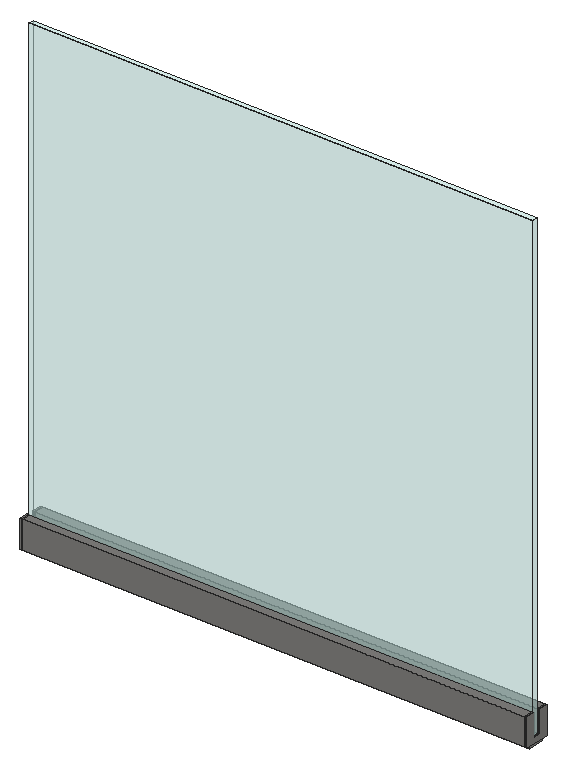
Revit family "Casual_Space_Division-Teknion-HNBCFG_Navigate_Fixed_Center_Screen_Glass-R2016", category Furniture, Revit 2016
Family settings
  OmniClass Number = 23.40.20.00
  OmniClass Title = General Furniture and Specialties
  Work Plane-Based = No
  Always vertical = Yes
  Cut with Voids When Loaded = No
  Shared = Yes
  Room Calculation Point = No
Parameters (values of type "51" Height, Inset Style")
  Width [instance] = 46.000"
  Warranty = "http://www.teknion.com/ca/papers/legal-canada"
  Unit Weight URL = "http://www.teknion.com/ca/tools/assets#&asset=bee6a381-b954-425e-8283-5a2de3a804f2,f828d448-4b62-4231-9e5f-9a8991c0ed77"
  URL = "www.teknion.com"
  Trim Finish [instance] = Seamless Paint - Teknion - 24 - Greystone
  To render please download texture images found here [instance] = "https://assets.teknion.com/web/5e81352c1dfdb467/revit-material-swatches/"
  Sustainability Data = "https://www.teknion.com/ca/tools/assets#&topic=216f99a5-57a0-44fc-b10a-9dee9b29ae4c&asset=444deb64-fe58-4b68-981e-f75e97781df7,b4ff2d81-9f2e-437d-9659-7cffb09c31cf"
  Series = "Height-Adjustable Bench"  # constant formula
  Product Page URL = "https://www.teknion.com/products/product-details?productLineId=8551336e-8e7a-673b-a6c8-ff00004460c4"
  Product Line = "Height-Adjustable Bench"  # constant formula
  Product Documentation Link = "https://www.teknion.com/pricing/hab/pdfs/HNBCFG_ppg.pdf"
  Part Number = "HNBCFG"  # constant formula
  Model = "HNBCFG51__I"
  Manufacturer Phone = "416-661-3370"  # constant formula
  Manufacturer Fax = "416.661.4586"  # constant formula
  Manufacturer Contact Information = "http://www.teknion.com/ca/contactus"
  Manufacturer Address = "1150 Flint Road, Toronto, ON. M3J 2J5. Canada"  # constant formula
  Manufacturer = "Teknion"  # constant formula
  Inset Style = not(Full Style)  # yes
  How To Use Teknion Materials User Guide [instance] = "https://assets.teknion.com/m/205dd0a49fa58060/original/How-to-add-a-Material-Library-and-Texture-Images-to-your-Revit-project.pdf"
  Glass Width [instance] = if(Full Style, Width - 2.000", Width - 10.000")  # 36.000"
  Glass Finish [instance] = Glass - Teknion - FT - Frosted Glass
  Full Style = no
  For Additional Finishes please visit [instance] = "https://assets.teknion.com/m/44a8009b046e5d47/original/Teknion_Materials_Library.zip"
  Description = "Navigate Fixed Center Screen – Glass, 51\" Height, Inset Style"
  Available Widths [instance] = "46, 52, 58, 64, 70, 76, 82 inches."  # constant formula
  Assembly Code = "E2020200"
  Actual Width [instance] = Width - 9.840"  # 36.160"
Types (3): name | Model | Inset Style | Glass Width | Full Style | Description
  (no name) | "HNBCFG51__I" | yes | 36.000" | no | "Navigate Fixed Center Screen – Glass, 51\" Height, Inset Style"
  51" Height, Full Style | "HNBCFG51__F" | no | 44.000" | yes | "Navigate Fixed Center Screen – Glass, 51\" Height, Full Style"
  51" Height, Inset Style | "HNBCFG51__I" | yes | 36.000" | no | "Navigate Fixed Center Screen – Glass, 51\" Height, Inset Style"
Reference planes (in)
  plane 1 "Center Front/Back": y = 0.574
  plane 2: z = 0
  plane 3 "Center Left/Right": x = 0
  plane 4 "Left": x = -18.08
  plane 5 "Right": x = 18.08
  plane 6 "Back": y = 1.45983
  plane 7 "Front": y = -0.31183
  plane 8 "Top": z = 50.3703
  plane 9: z = 16.7768
  plane 10: z = 16.9948
  plane 11: y = 0.77085
  plane 12: y = 0.37715
  plane 13: x = -17.955
  plane 14: x = 17.955
  plane 15: z = 18.9548
  plane 16 "Glass Left": x = -18
  plane 17 "Glass Right": x = 18
  plane 18: y = 0.84118
  plane 19: y = 0.30682
  plane 20: z = 17.3748
Forms (in)
  Sweep 1, solid, material "Glass - Teknion - FT - Frosted Glass" <- "Glass Finish"
    path origin (0, 0.574, 0) x (1, 0, 0) y (0, 0, 1)
      loop
        line (0, 17.3748) -> (0, 50.3703)
    profile origin (0, 0.574, 33.87255) x (-1, 0, 0) y (0, -1, 0)
      loop
        line (18, -0.19685) -> (18, 0.19685) -> (-18, 0.19685) -> (-18, -0.19685) -> (18, -0.19685)
  Sweep 2, solid, material "Seamless Paint - Teknion - 24 - Greystone" <- "Trim Finish"
    path origin (0, 0, 0) x (1, 0, 0) y (0, 1, 0)
      loop
        line (-17.955, 0.574) -> (17.955, 0.574)
    profile origin (0, 0.574, 0) x (0, 1, 0) y (0, 0, 1)
      loop
        line (-0.88583, 16.9948) -> (0.88583, 16.9948) -> (0.88583, 18.9548) -> (0.26718, 18.9548) -> (0.26718, 17.3748) -> (-0.26718, 17.3748) -> (-0.26718, 18.9548) -> (-0.88583, 18.9548) -> (-0.88583, 16.9948)
  Sweep 3, solid, material "Seamless Paint - Teknion - 24 - Greystone" <- "Trim Finish"
    path origin (0, 0, 0) x (1, 0, 0) y (0, 1, 0)
      loop
        line (-18.08, 0.574) -> (-17.955, 0.574)
    profile origin (-18.0175, 0.574, 0) x (0, 1, 0) y (0, 0, 1)
      loop
        line (-0.88583, 16.9948) -> (0.88583, 16.9948) -> (0.88583, 18.9548) -> (0.26718, 18.9548) -> (0.26718, 17.3748) -> (-0.26718, 17.3748) -> (-0.26718, 18.9548) -> (-0.88583, 18.9548) -> (-0.88583, 16.9948)
  Sweep 4, solid, material "Seamless Paint - Teknion - 24 - Greystone" <- "Trim Finish"
    path origin (0, 0, 0) x (-1, 0, 0) y (0, 1, 0)
      loop
        line (-18.08, 0.574) -> (-17.955, 0.574)
    profile origin (18.0175, 0.574, 0) x (0, -1, 0) y (0, 0, 1)
      loop
        line (0.88583, 16.9948) -> (0.88583, 18.9548) -> (0.26718, 18.9548) -> (0.26718, 17.3748) -> (-0.26718, 17.3748) -> (-0.26718, 18.9548) -> (-0.88583, 18.9548) -> (-0.88583, 16.9948) -> (0.88583, 16.9948)
  Sweep 5, solid, material "Seamless Paint - Teknion - 24 - Greystone" <- "Trim Finish"
    path origin (0, 0, 0) x (1, 0, 0) y (0, 1, 0)
      loop
        line (18.025, 0.574) -> (-18.025, 0.574)
    profile origin (0, 0.574, 0) x (0, -1, 0) y (0, 0, 1)
      loop
        line (0.51, 16.7768) -> (0.51, 16.9948) -> (-0.51, 16.9948) -> (-0.51, 16.7768) -> (0.51, 16.7768)
Lines and regions (in)
  Masking region 1
    outline origin (0, 0, 0) x (1, 0, 0) y (0, 1, 0)
      loop
        line (-18.08, 1.45983) -> (-18.08, -0.31183) -> (18.08, -0.31183) -> (18.08, 1.45983) -> (-18.08, 1.45983)
  Masking region 2
    outline origin (0, 0, 0) x (1, 0, 0) y (0, 1, 0)
      loop
        line (-18, 0.37715) -> (18, 0.37715) -> (18, 0.77085) -> (-18, 0.77085) -> (-18, 0.37715)
  symbolic lines
    curve 1: line (-17.955, 1.45983, 0) -> (-17.955, 0.77085, 0)
    curve 3: line (-17.955, 0.37715, 0) -> (-17.955, -0.31183, 0)
    curve 4: line (-17.955, 0.84118, 0) -> (17.955, 0.84118, 0)
    curve 5: line (17.955, 0.30682, 0) -> (-17.955, 0.30682, 0)
    curve 8: line (17.955, 0.84118, 0) -> (18.08, 0.84118, 0)
    curve 9: line (18.08, 0.30682, 0) -> (17.955, 0.30682, 0)
    curve 14: line (17.955, 1.45983, 0) -> (17.955, 0.77085, 0)
    curve 15: line (17.955, -0.31183, 0) -> (17.955, 0.37715, 0)
  symbolic lines, detail levels fine
    curve 2: line (-17.955, 0.30682, 0) -> (-17.955, -0.31183, 0)
    curve 6: line (-17.955, 0.30682, 0) -> (-18.08, 0.30682, 0)
    curve 7: line (-18.08, 0.84118, 0) -> (-17.955, 0.84118, 0)
  symbolic lines, style "FurnitureHiddenLines", detail levels fine
    curve 10: line (18.025, 1.084, 0) -> (-18.025, 1.084, 0)
    curve 11: line (-18.025, 1.084, 0) -> (-18.025, 0.064, 0)
    curve 12: line (-18.025, 0.064, 0) -> (18.025, 0.064, 0)
    curve 13: line (18.025, 0.064, 0) -> (18.025, 1.084, 0)
  symbolic lines, style "FurnitureHiddenLines", detail levels medium+fine
    curve 16: line (17.955, 0.77085, 0) -> (17.955, 0.37715, 0)
    curve 17: line (-17.955, 0.77085, 0) -> (-17.955, 0.37715, 0)
Dimensions and locks (in)
  "Actual Width": plane 4 "Left" to plane 5 "Right"
  equal spacing: plane 6 "Back", plane 1 "Center Front/Back", plane 7 "Front"
  locked: plane 8 "Top" to level at 50.3703
  equal spacing: plane 4 "Left", plane 3 "Center Left/Right", plane 5 "Right"
  plane 12 to plane 1 "Center Front/Back" to plane 11 = 0.19685" locked, 0.19685" locked
  locked: plane 4 "Left" to plane 13 at 0.125
  locked: plane 14 to plane 5 "Right" at 0.125
  plane 15 to plane 10 to plane 9 = 1.960" locked, 0.218" locked
  locked: plane 9 to level at 16.7768
  equal spacing: plane 16 "Glass Left", plane 3 "Center Left/Right", plane 17 "Glass Right"
  "Glass Width": plane 16 "Glass Left" to plane 17 "Glass Right"
  locked: Sweep 1 sketch curve to plane 9 at 0.598
  plane 18 to plane 1 "Center Front/Back" to plane 19 = 0.26718" locked, 0.26718" locked
  locked: plane 20 to plane 10 at 0.38
  locked: plane 4 "Left" to Sweep 5 sketch curve at 0.055
  locked: Sweep 5 sketch curve to plane 5 "Right" at 0.055
  Sweep 5 sketch curve to plane 1 "Center Front/Back" to Sweep 5 sketch curve = 0.510" locked, 0.510" locked
  aligned and locked: level to plane 2
  aligned and locked: plane 8 "Top" to Sweep 1 sketch curve
  aligned and locked: Sweep 1 sketch curve to plane 11
  aligned and locked: Sweep 1 sketch curve to plane 16 "Glass Left"
  aligned and locked: Sweep 1 sketch curve to plane 12
  aligned and locked: plane 17 "Glass Right" to Sweep 1 sketch curve
  aligned and locked: plane 1 "Center Front/Back" to Sweep 2 sketch curve
  aligned and locked: Sweep 2 sketch curve to plane 7 "Front"
  aligned and locked: plane 10 to Sweep 2 sketch curve
  aligned and locked: plane 6 "Back" to Sweep 2 sketch curve
  aligned and locked: plane 15 to Sweep 2 sketch curve
  aligned and locked: plane 18 to Sweep 2 sketch curve
  aligned and locked: Sweep 2 sketch curve to plane 19
  aligned and locked: Sweep 2 sketch curve to plane 20
  aligned and locked: plane 14 to Sweep 2 sketch curve
  aligned and locked: plane 13 to Sweep 2 sketch curve
  aligned and locked: plane 13 to Sweep 3 sketch curve
  aligned and locked: plane 4 "Left" to Sweep 3 sketch curve
  aligned and locked: Sweep 3 sketch curve to plane 1 "Center Front/Back"
  aligned and locked: Sweep 3 sketch curve to plane 6 "Back"
  aligned and locked: plane 7 "Front" to Sweep 3 sketch curve
  aligned and locked: Sweep 3 sketch curve to plane 15  (x2)
  aligned and locked: plane 19 to Sweep 3 sketch curve
  aligned and locked: Sweep 3 sketch curve to plane 20
  aligned and locked: Sweep 3 sketch curve to plane 18
  aligned and locked: Sweep 3 sketch curve to plane 10
  aligned and locked: plane 5 "Right" to Sweep 4 sketch curve
  aligned and locked: plane 14 to Sweep 4 sketch curve
  aligned and locked: Sweep 4 sketch curve to plane 1 "Center Front/Back"
  aligned and locked: Sweep 4 sketch curve to plane 15  (x2)
  aligned and locked: plane 7 "Front" to Sweep 4 sketch curve
  aligned and locked: Sweep 4 sketch curve to plane 10
  aligned and locked: Sweep 4 sketch curve to plane 6 "Back"
  aligned and locked: Sweep 4 sketch curve to plane 18
  aligned and locked: Sweep 4 sketch curve to plane 20
  aligned and locked: plane 19 to Sweep 4 sketch curve
  aligned and locked: Sweep 5 sketch curve to plane 1 "Center Front/Back"
  aligned and locked: Sweep 5 sketch curve to plane 10
  aligned and locked: Sweep 5 sketch curve to plane 9
  aligned and locked: Masking region 1 sketch curve to plane 4 "Left"
  aligned and locked: Masking region 1 sketch curve to plane 6 "Back"
  aligned and locked: Masking region 1 sketch curve to plane 7 "Front"
  aligned and locked: Masking region 1 sketch curve to plane 5 "Right"
  aligned and locked: Masking region 2 sketch curve to Sweep 1  (x4)
  aligned and locked: curve 1 to plane 13
  aligned and locked: curve 3 to plane 13
  aligned and locked: curve 4 to Sweep 2
  aligned and locked: curve 5 to Sweep 2
  aligned and locked: curve 6 to Sweep 3
  aligned and locked: curve 7 to Sweep 3
  aligned and locked: curve 8 to Sweep 4
  aligned and locked: curve 9 to Sweep 4
  aligned and locked: curve 10 to Sweep 5
  aligned and locked: curve 11 to Sweep 5
  aligned and locked: curve 12 to Sweep 5
  aligned and locked: curve 13 to Sweep 5
  aligned and locked: curve 14 to plane 14
  aligned and locked: curve 15 to plane 14
  aligned and locked: curve 16 to plane 14
  aligned and locked: curve 17 to plane 13
  aligned and locked: plane 11 to curve 1
  aligned and locked: plane 12 to curve 3
Automatic sketch dimensions
  Sweep 1 sketch curve to plane 3 "Center Left/Right" = 0.000"
  Sweep 2 sketch curve to Sweep 2 sketch curve = 0.000"
  curve 7 to plane 4 "Left" = 0.000"
  curve 6 to plane 4 "Left" = 0.000"
  curve 4 to plane 13 = 0.000"
  curve 5 to plane 13 = 0.000"
  curve 4 to plane 14 = 0.000"
  curve 5 to plane 14 = 0.000"
  curve 9 to plane 5 "Right" = 0.000"
  curve 8 to plane 5 "Right" = 0.000"
  plane 7 "Front" to curve 2 = 0.000"
  plane 7 "Front" to curve 15 = 0.000"
  plane 7 "Front" to curve 3 = 0.000"
  plane 12 to curve 16 = 0.000"
  curve 14 to plane 11 = 0.000"
  curve 14 to plane 6 "Back" = 0.000"
  curve 1 to plane 6 "Back" = 0.000"
